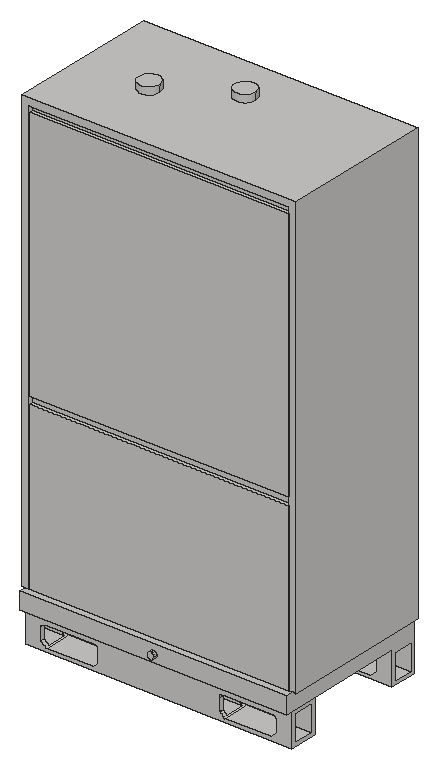
Revit family
Parameters (values of type "PQHY-P72TGMU-A")
  Width = 990.6 mm  # constant formula
  Water Outlet Dia = 38.1 mm
  Water Inlet Dia = 38.1 mm
  Subcategory = "HVAC"  # constant formula
  Specification URL = "http://www.mrslim.com/customerCare/resources.asp"
  Sound Pressure Levels (dB(A)) = "46"
  SmartBIM Object Version = 3  # constant formula
  SmartBIM Object Created By = "Reed Construction Data"  # constant formula
  Refrigerant Type = "R410A"  # constant formula
  Refrigerant Charge = "15lbs 7oz"
  Refirigerant Pipe Diameter (Liquid) = "3/8\""
  Refirigerant Pipe Diameter (Gas) = "3/4\""
  Pressure Drop FT (Water Source Only) = "4.6"
  Power Source = "208 / 230V, 3-phase, 60Hz"  # constant formula
  Power Input Cooling = "5.25 kW"
  Power Input Heating = "5.44 kW"
  Operating Temperature Range—Indoor Temperature Heating = "59°F (15°C) DB ~ 81°F (27°C) DB"
  Operating Temperature Range—Indoor Temperature Cooling = "59°F (15°C) WB ~ 75°F (24°C) WB"
  Operating Temperature Range—Circulating Water Heating = "50°F (10°C) ~ 113°F (45°C)"
  Operating Temperature Range—Circulating Water Cooling = "50°F (10°C) ~ 113°F (45°C)"
  Unit Weight (LBS) = "587"
  Nominal GPM (Water Source Only) = "20"
  Compressor Motor Output = "5.0 kW"
  Manufacturer URL = "http://www.mrslim.com/customerCare/resources.asp"
  Lubricant = "MEL32"
  Protection Devices Inverter = "Overcurrent / Overheat Protection"
  Installation URL = "http://www.mrslim.com/customerCare/resources.asp"
  Indoor Unit Total Capacity = "50% –130% of Water-source Unit Capacity"
  Indoor Unit Model / Quantity = "P06-P96 / 1 ~ 13"
  Protection Devices High Pressure Protection = "4.15 MPa / 601 psi"
  Description = "Water Source Units"
  Default Elevation = 1219.2 mm
  Compressor Type = "Inverter-driven Scroll Hermetic"
  Model = "PQHY-P72TGMU-A"
  MCA = "19.9/18"
  Manufacturer = "Mitsubishi Electric"  # constant formula
  Height = 1800.225 mm  # constant formula
  External Finish = Hot-dip Galvanized-steel Sheets
  Drain PTI Screw Dia = 12 mm
  Depth = 550.863 mm  # constant formula
  MOCP = "30"
  Current Heating = "16.77 / 15.17 A"
  Current Cooling = "16.19 / 14.64 A"
  Protection Devices Compressor = "Overcurrent / Overheat Protection"
  Coil Type = "Copper Tube-in-tube"  # constant formula
  Circulating Water Source Connection = "1-1/2 in. FPT"
  Circulating Water Pressure Drop = "4.6 ft. / 2 psi"
  Circulating Water Operation Volume Range = "17 - 30 gpm / 65 - 113 L/m"
  Circulating Water Flow Rate = "20 gpm / 1.3 L/s"
  Compressor Case Heater = "0.057 kW"
  Heating Capacity (BTU) = "85000"
  Cooling Capacity (BTU) = "72000"
  Base = Metallic Paint Linen Satin
  Assembly Code = "D3030100"
  95 CSI = "15740"  # constant formula
  04 CSI = "23 81 26"  # constant formula
Types (4, lengths in mm): name | Sound Pressure Levels (dB(A)) | Refrigerant Charge | Refirigerant Pipe Diameter (Liquid) | Refirigerant Pipe Diameter (Gas) | Pressure Drop FT (Water Source Only) | Power Input Cooling | Power Input Heating | Unit Weight (LBS) | Nominal GPM (Water Source Only) | Compressor Motor Output | Indoor Unit Total Capacity | Indoor Unit Model / Quantity | Protection Devices High Pressure Protection | Model | MCA | MOCP | Current Heating | Current Cooling | Circulating Water Pressure Drop | Circulating Water Operation Volume Range | Circulating Water Flow Rate | Heating Capacity (BTU) | Cooling Capacity (BTU)
  PQRY-P72TGMU-A | "46" | "16lbs 9oz" | "5/8\"" | "3/4\"" | "4.6" | "5.25 kW" | "5.44 kW" | "567" | "20" | "5.0 kW" | "50% –150% of Water-source Unit Capacity" | "P06-P96 / 1 ~ 15" | "4.15 MPa / 601 psi" | "PQRY-P72TGMU-A" | "19.9/18" | "30" | "16.77 / 15.17 A" | "16.19 / 14.64 A" | "4.6 ft. / 2 psi" | "17 - 30 gpm / 65 - 113 L/m" | "20 gpm / 1.3 L/s" | "85,000" | "72,000"
  PQRY-P96TGMU-A | "47" | "18lbs 12oz" | "3/4\"" | "7/8\"" | "6.9" | "6.95 kW" | "6.84 kW" | "574" | "25" | "6.0 kW" | "50% –150% of Water-source Unit Capacity" | "P06-P96 / 1 ~ 19" | "4.15 MPa / 601 psi" | "PQRY-P96TGMU-A" | "25.5/23" | "40" | "21.09 / 19.07 A" | "21.43 / 19.38 A" | "6.9 ft. / 3 psi" | "20 - 32 gpm / 75 - 120 L/m" | "20 gpm / 1.3 L/s" | "107000" | "96000"
  PQHY-P72TGMU-A | "46" | "15lbs 7oz" | "3/8\"" | "3/4\"" | "4.6" | "5.25 kW" | "5.44 kW" | "587" | "20" | "5.0 kW" | "50% –130% of Water-source Unit Capacity" | "P06-P96 / 1 ~ 13" | "4.15 MPa / 601 psi" | "PQHY-P72TGMU-A" | "19.9/18" | "30" | "16.77 / 15.17 A" | "16.19 / 14.64 A" | "4.6 ft. / 2 psi" | "17 - 30 gpm / 65 - 113 L/m" | "20 gpm / 1.3 L/s" | "85000" | "72000"
  PQHY-P96TGMU-A | "47" | "17lbs 11oz" | "3/8\"" | "7/8\"" | "6.9" | "6.95 kW" | "6.84 kW" | "594" | "25" | "5.0 kW" | "50% –130% of Water-source Unit Capacity" | "P06-P96 / 1 ~ 16" | "4.15 MPa/ 601 psi" | "PQHY-P72TGMU-A" | "25.5/23" | "40" | "21.09 / 19.07 A" | "25.5 / 23.0A" | "6.9 ft. / 3 psi" | "20 - 32 gpm / 65 - 113 L/m" | "20 gpm / 1.6 L/s" | "107000" | "96000"
Reference planes
  plane 1 "Center (Front/Back)": y = -160.055
  plane 2: z = 0
  plane 3 "Center (Left/Right)": x = -85.105
  plane 4: y = 115.377
  plane 5: y = -435.486
  plane 6: x = -580.405
  plane 7: x = 410.195
  plane 8: z = 1800.225
  plane 9: z = 182
  plane 10: z = 1775.225
  plane 11: z = 1750.225
  plane 12: y = -410.086
  plane 13: y = -422.986
  plane 14: z = 120
  plane 15: x = -567.705
  plane 16: x = 397.495
  plane 17: y = 15.377
  plane 18: y = -335.486
  plane 19: y = -473.055
  plane 20: y = -46.055
  plane 21: y = -180.486
  plane 22: x = -324.405
  plane 23: x = -374.405
  plane 24: y = -340.486
  plane 25: x = -470.405
  plane 26: y = -255.486
  plane 27: x = -252.405
  plane 28: y = -366.486
  plane 29: x = -12.405
  plane 30: y = -281.486
  plane 31: y = -385.486
  plane 32: z = 1626
  plane 33: x = -605.405
  plane 34: z = 1579
  plane 35: y = -295.486
  plane 36: y = -180.486
  plane 37: z = 1598
  plane 38: z = 1400
  plane 39: y = -341.486
  plane 40: z = 1220
  plane 41: y = -239.486
  plane 42: y = -20.486
  plane 43: z = 924
  plane 44: y = -461.055
  plane 45: y = -1061.055
  plane 46: x = -980.405
Forms (mm)
  Extrusion 1, solid, material "Hot-dip Galvanized-steel Sheets" <- "External Finish"
    sketch origin (0, 0, 0) x (1, 0, 0) y (0, 1, 0)
      loop
        line (-580.405, 115.377) -> (-580.405, -435.486) -> (-555.005, -435.486) -> (-555.005, 89.977) -> (384.795, 89.977) -> (384.795, -435.486) -> (410.195, -435.486) -> (410.195, 115.377) -> (-580.405, 115.377)
    from 182 to 1775.225
  Extrusion 2, solid, material "Hot-dip Galvanized-steel Sheets" <- "External Finish"
    sketch origin (0, 0, 0) x (1, 0, 0) y (0, 1, 0)
      loop
        line (-555.005, -435.486) -> (384.795, -435.486) -> (384.795, 89.977) -> (-555.005, 89.977) -> (-555.005, -435.486)
    from 1750.225 to 1775.225
  Extrusion 3, solid, material "Hot-dip Galvanized-steel Sheets" <- "External Finish"
    sketch origin (0, -160.055, 0) x (1, 0, 0) y (0, 0, 1)
      loop
        line (-555.005, 1728.746) -> (-555.005, 810.053) -> (384.795, 810.053) -> (384.795, 1728.746) -> (-555.005, 1728.746)
      loop
        line (-555.005, 782.902) -> (-555.005, 182) -> (384.795, 182) -> (384.795, 782.902) -> (-555.005, 782.902)
    from 250.031 to 275.431
  Extrusion 4, solid, material "Hot-dip Galvanized-steel Sheets" <- "External Finish"
    sketch origin (0, -160.055, 0) x (1, 0, 0) y (0, 0, 1)
      loop
        line (384.795, 1750.225) -> (-555.005, 1750.225) -> (-555.005, 1728.746) -> (384.795, 1728.746) -> (384.795, 1750.225)
      loop
        line (-555.005, 810.053) -> (-555.005, 782.902) -> (384.795, 782.902) -> (384.795, 810.053) -> (-555.005, 810.053)
    from 250.031 to 262.931
  Extrusion 5, solid, material "Hot-dip Galvanized-steel Sheets" <- "External Finish"
    sketch origin (0, -160.055, 0) x (1, 0, 0) y (0, 0, 1)
      loop
        line (-567.705, 120) -> (397.495, 120) -> (397.495, 182) -> (-567.705, 182) -> (-567.705, 120)
    from -275.431 to 301
  Extrusion 6, solid, material "Hot-dip Galvanized-steel Sheets" <- "External Finish"
    sketch origin (-85.105, 0, 0) x (0, 1, 0) y (0, 0, 1)
      loop
        line (115.377, 0) -> (115.377, 120) -> (15.377, 120) -> (15.377, 0) -> (115.377, 0)
      loop
        line (102.877, 107.5) -> (27.877, 107.5) -> (27.877, 12.5) -> (102.877, 12.5) -> (102.877, 107.5)
    from -482.6 to 482.6
  Extrusion 7, solid, material "Hot-dip Galvanized-steel Sheets" <- "External Finish"
    sketch origin (-85.105, -320.109, 0) x (0, -1, 0) y (0, 0, -1)
      loop
        line (115.377, 0) -> (15.377, 0) -> (15.377, -120) -> (115.377, -120) -> (115.377, 0)
      loop
        line (102.877, -107.5) -> (102.877, -12.5) -> (27.877, -12.5) -> (27.877, -107.5) -> (102.877, -107.5)
    from -482.3 to 482.3
  Extrusion 8, void
    sketch origin (0, -160.055, 0) x (1, 0, 0) y (0, 0, 1)
      loop
        line (-511.369, 28.962) -> (-492.584, 10.178) -> (-322.584, 10.178) -> (-304.906, 27.855) -> (-304.906, 72.855)
        arc (-304.906, 72.855) -> (-309.048, 82.855) -> (-319.048, 86.997) r 14.142
        line (-319.048, 86.997) -> (-494.048, 86.997)
        arc (-494.048, 86.997) -> (-504.048, 84.318) -> (-511.369, 76.997) r 20
        line (-511.369, 76.997) -> (-511.369, 28.962)
      loop
        line (341.16, 28.962) -> (341.16, 76.997)
        arc (341.16, 76.997) -> (333.839, 84.318) -> (323.839, 86.997) r 20
        line (323.839, 86.997) -> (148.539, 86.997)
        arc (148.539, 86.997) -> (138.539, 82.855) -> (134.397, 72.855) r 14.142
        line (134.397, 72.855) -> (134.397, 27.855) -> (152.075, 10.178) -> (322.375, 10.178) -> (341.16, 28.962)
    from -358.554 to 287.579
  Extrusion 9, solid, material "Hot-dip Galvanized-steel Sheets" <- "External Finish"
    sketch origin (0, -160.055, 0) x (1, 0, 0) y (0, 0, 1)
      loop
        circle (-85.105, 147.5) r 12
    from 301 to 313
  Extrusion 10, solid, material "Hot-dip Galvanized-steel Sheets" <- "External Finish"
    sketch origin (0, 0, 0) x (1, 0, 0) y (0, 1, 0)
      loop
        circle (-85.105, -46.055) r 38.1
    from 1775.225 to 1800.225
  Extrusion 11, solid, material "Hot-dip Galvanized-steel Sheets" <- "External Finish"
    sketch origin (-242.705, -176.336, 0) x (1, 0, 0) y (0, 1, 0)
      loop
        circle (-81.699, -4.15) r 38.1
    from 1775 to 1800
  Extrusion 12, solid, material "Hot-dip Galvanized-steel Sheets" <- "External Finish"
    sketch origin (-85.105, 0, 0) x (0, 1, 0) y (0, 0, 1)
      loop
        circle (-180.486, 1598) r 38.1
    from -520.3 to -495.3
  Extrusion 13, solid, material "Hot-dip Galvanized-steel Sheets" <- "External Finish"
    sketch origin (-85.105, 0, 0) x (0, 1, 0) y (0, 0, 1)
      loop
        circle (-20.486, 924) r 38.1
    from -520.3 to -495.3
  Extrusion 14, solid, material "Hot-dip Galvanized-steel Sheets" <- "External Finish"
    sketch origin (-580.405, 115.377, 0) x (0, -1, 0) y (0, 0, 1)
      loop
        circle (396.862, 1579) r 15
    from 0 to 25
Cuts and joins
  Extrusion 8 cuts Extrusion 6
  Extrusion 8 cuts Extrusion 7
  joined: Extrusion 1, Extrusion 2, Extrusion 5, Extrusion 6, Extrusion 7, Extrusion 12, Extrusion 13, Extrusion 14
Lines and regions (mm)
  symbolic lines, style "Clearances"
    curve 1: line (-580.405, 115.377, 0) -> (-980.405, 115.377, 0)
    curve 2: line (-980.405, 115.377, 0) -> (-980.405, -1061.055, 0)
    curve 3: line (-980.405, -1061.055, 0) -> (410.195, -1061.055, 0)
    curve 4: line (410.195, -1061.055, 0) -> (410.195, -435.486, 0)
Dimensions and locks
  equal spacing: plane 6, plane 3 "Center (Left/Right)", plane 7
  "Width": plane 6 to plane 7
  equal spacing: plane 4, plane 1 "Center (Front/Back)", plane 5
  "Depth": plane 4 to plane 5
  "Height": plane 8 to level
  locked: Extrusion 1 sketch curve to Extrusion 1 sketch curve at 25.4
  locked: plane 4 to Extrusion 1 sketch curve at 25.4
  locked: Extrusion 1 sketch curve to plane 7 at 25.4
  locked: plane 8 to plane 10 at 25
  locked: plane 10 to plane 11 at 25
  locked: Extrusion 3 sketch curve to Extrusion 3 sketch curve at 27.15
  locked: Extrusion 2 to Extrusion 3 sketch curve at 21.479
  locked: plane 12 to plane 5 at 25.4
  locked: plane 13 to plane 5 at 12.5
  locked: plane 14 to level at 120
  locked: plane 7 to plane 16 at 12.7
  locked: plane 15 to plane 6 at 12.7
  locked: plane 4 to plane 17 at 100
  locked: plane 18 to plane 5 at 100
  Extrusion 1 to plane 19 = 37.569 mm
  locked: plane 6 to plane 22 at 256
  locked: plane 21 to plane 5 at 255
  locked: plane 20 to plane 19 at 427
  locked: plane 6 to plane 23 at 206
  locked: plane 24 to plane 5 at 95
  locked: plane 6 to plane 25 at 110
  locked: plane 26 to plane 5 at 180
  plane 6 to plane 27 = 328 mm
  locked: plane 28 to plane 5 at 69
  locked: plane 6 to plane 29 at 568
  locked: plane 30 to plane 5 at 154
  locked: plane 31 to plane 5 at 50
  locked: plane 32 to level at 1626
  locked: plane 6 to plane 33 at 25
  locked: plane 34 to level at 1579
  locked: plane 35 to plane 5 at 140
  locked: plane 36 to plane 5 at 255
  locked: plane 37 to level at 1598
  locked: plane 38 to level at 1400
  locked: plane 39 to plane 5 at 94
  locked: plane 40 to level at 1220
  locked: plane 41 to plane 5 at 196
  locked: plane 42 to plane 5 at 415
  locked: plane 43 to level at 924
  plane 43 to level = 924 mm
  plane 37 to level = 1598 mm
  locked: plane 44 to plane 45 at 600
  locked: plane 46 to plane 6 at 400
  "Drain PTI Screw Dia": radius of Extrusion 9 sketch curve
  "Water Inlet Dia": radius of Extrusion 10 sketch curve
  "Water Outlet Dia": radius of Extrusion 11 sketch curve
  "Water Outlet Dia": radius of Extrusion 12 sketch curve
  "Water Inlet Dia": radius of Extrusion 13 sketch curve
  aligned and locked: Extrusion 1 sketch curve to plane 4
  aligned and locked: Extrusion 1 sketch curve to plane 7
  aligned and locked: Extrusion 1 sketch curve to plane 6
  aligned and locked: Extrusion 1 sketch curve to plane 5
  aligned and locked: Extrusion 1 to plane 9
  aligned and locked: Extrusion 2 sketch curve to Extrusion 1  (x3)
  aligned and locked: Extrusion 2 sketch curve to plane 5
  aligned and locked: Extrusion 2 to plane 11
  aligned and locked: Extrusion 2 to plane 10
  aligned and locked: Extrusion 1 to plane 10
  aligned and locked: Extrusion 1 to Extrusion 3 sketch curve  (x3)
  aligned and locked: Extrusion 3 sketch curve to Extrusion 1  (x2)
  aligned and locked: Extrusion 3 to plane 12
  aligned and locked: Extrusion 1 to Extrusion 4 sketch curve  (x2)
  aligned and locked: Extrusion 4 sketch curve to Extrusion 2
  aligned and locked: Extrusion 4 sketch curve to Extrusion 3  (x4)
  aligned and locked: plane 13 to Extrusion 4
  aligned and locked: Extrusion 4 to plane 12
  aligned and locked: Extrusion 5 sketch curve to plane 14
  aligned and locked: Extrusion 5 sketch curve to plane 15
  aligned and locked: Extrusion 5 sketch curve to Extrusion 3
  aligned and locked: plane 16 to Extrusion 5 sketch curve
  aligned and locked: plane 4 to Extrusion 5
  aligned and locked: plane 4 to Extrusion 6 sketch curve
  aligned and locked: plane 17 to Extrusion 6 sketch curve
  aligned and locked: Extrusion 5 to Extrusion 6 sketch curve
  aligned and locked: level to Extrusion 6 sketch curve
  aligned and locked: Extrusion 6 to plane 15
  aligned and locked: Extrusion 6 to plane 16
  aligned and locked: Extrusion 7 sketch curve to plane 18
  aligned and locked: Extrusion 7 sketch curve to plane 14
  aligned and locked: level to Extrusion 7 sketch curve
  aligned and locked: plane 19 to Extrusion 9
  aligned and locked: Extrusion 10 to Extrusion 2
  aligned and locked: plane 8 to Extrusion 10
  aligned and locked: plane 20 to Extrusion 10 sketch curve
  aligned and locked: plane 3 "Center (Left/Right)" to Extrusion 10 sketch curve
  aligned and locked: plane 21 to Extrusion 11 sketch curve
  aligned and locked: plane 22 to Extrusion 11 sketch curve
  aligned and locked: plane 36 to Extrusion 12 sketch curve
  aligned and locked: plane 37 to Extrusion 12 sketch curve
  aligned and locked: plane 6 to Extrusion 12
  aligned and locked: Extrusion 12 to plane 33
  aligned and locked: plane 42 to Extrusion 13 sketch curve
  aligned and locked: plane 43 to Extrusion 13 sketch curve
  aligned and locked: Extrusion 13 to plane 33
  aligned and locked: plane 6 to Extrusion 13
  aligned and locked: plane 30 to Extrusion 14 sketch curve
  aligned and locked: plane 34 to Extrusion 14 sketch curve
  aligned and locked: cut or joined group 1 (Extrusion 1, Extrusion 2, Extrusion 5, Extrusion 6, Extrusion 7, Extrusion 8, Extrusion 12, Extrusion 13, Extrusion 14) to plane 33
  aligned and locked: plane 44 to cut or joined group 1
  aligned and locked: plane 7 to curve 4
  aligned and locked: plane 45 to curve 3
  aligned and locked: plane 46 to curve 2
  aligned and locked: plane 4 to curve 1
Automatic sketch dimensions
  Extrusion 1 sketch curve to plane 5 = 0 mm
  plane 9 to Extrusion 3 sketch curve = 600.902 mm
  plane 15 to Extrusion 4 sketch curve = 12.7 mm
  plane 17 to Extrusion 6 sketch curve = 12.5 mm
  Extrusion 6 sketch curve to plane 4 = 12.5 mm
  level to Extrusion 6 sketch curve = 12.5 mm
  Extrusion 6 sketch curve to plane 14 = 12.5 mm
  Extrusion 7 sketch curve to plane 13 = 0 mm
  Extrusion 7 sketch curve to plane 5 = 0 mm
  Extrusion 7 sketch curve to plane 18 = 12.5 mm
  Extrusion 7 sketch curve to level = 12.5 mm
  plane 14 to Extrusion 7 sketch curve = 12.5 mm
  plane 15 to Extrusion 8 sketch curve = 56.336 mm
  Extrusion 8 sketch curve to Extrusion 8 sketch curve = 17.321 mm
  level to Extrusion 8 sketch curve = 10.178 mm  (x2)
  Extrusion 8 sketch curve to Extrusion 8 sketch curve = 18.785 mm  (x4)
  Extrusion 8 sketch curve to Extrusion 8 sketch curve = 170 mm
  Extrusion 8 sketch curve to plane 14 = 33.003 mm  (x2)
  Extrusion 8 sketch curve to Extrusion 8 sketch curve = 3.536 mm
  Extrusion 8 sketch curve to Extrusion 8 sketch curve = 14.142 mm  (x2)
  level to Extrusion 8 sketch curve = 27.855 mm
  plane 3 "Center (Left/Right)" to Extrusion 8 sketch curve = 219.502 mm
  Extrusion 8 sketch curve to Extrusion 8 sketch curve = 17.678 mm  (x2)
  plane 16 to Extrusion 8 sketch curve = 75.121 mm
  plane 16 to Extrusion 8 sketch curve = 73.656 mm
  Extrusion 8 sketch curve to Extrusion 8 sketch curve = 20 mm  (x2)
  Extrusion 9 sketch curve to plane 3 "Center (Left/Right)" = 0 mm
  plane 14 to Extrusion 9 sketch curve = 27.5 mm
  curve 1 to plane 6 = 0 mm
  curve 4 to plane 5 = 0 mm
  radius of Extrusion 14 sketch curve = 15 mm
Connectors
  piping at (-605.405, -20.486, 924), driven by "Water Inlet Dia"
    settings: on cut or joined group 1, index 1
  piping at (-605.405, -180.486, 1598), driven by "Water Outlet Dia"
    settings: on cut or joined group 1, index 2
  piping at (-85.105, -46.055, 1800.225), driven by "Water Inlet Dia"
    settings: on Extrusion 10, index 3
  piping at (-324.405, -180.486, 1800), driven by "Water Outlet Dia"
    settings: on Extrusion 11, index 4
  piping at (-85.105, -473.055, 147.5), driven by "Drain PTI Screw Dia"
    settings: on Extrusion 9, index 5
  electrical at (-605.405, -281.486, 1579)
    settings: on cut or joined group 1, index 6
